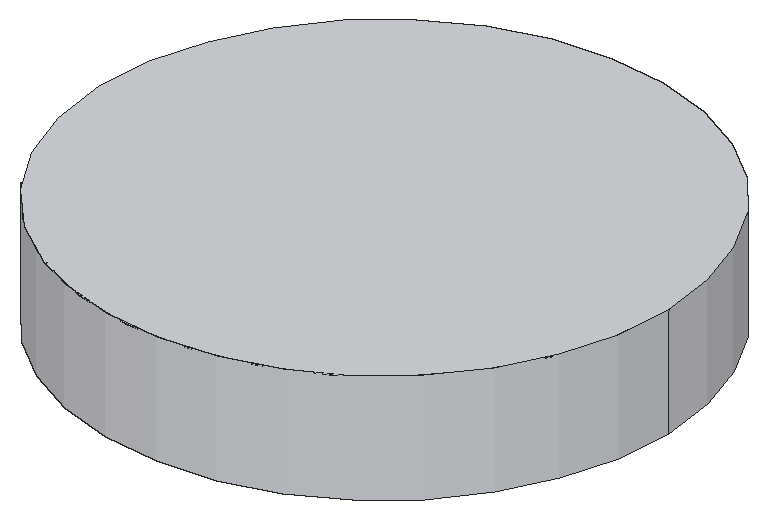
Revit family "Family2", category Generic Models, Revit 2020
Family settings
  Can host rebar = No
  Round Connector Dimension = Use Diameter
  Part Type = Normal
  Work Plane-Based = No
  Always vertical = Yes
  Cut with Voids When Loaded = No
  Shared = No
  Room Calculation Point = No
Parameters
  Default Elevation = 0 mm
Reference planes
  plane 1 "Center (Front/Back)": y = 0
  plane 2: z = 0
  plane 3 "Center (Left/Right)": x = 0
Forms (mm)
  Extrusion 1, solid
    sketch origin (0, 0, 0) x (1, 0, 0) y (0, 1, 0)
      loop
        circle (0, 0) r 640
    from 0 to 250
Dimensions and locks
  aligned and locked: level to plane 2
